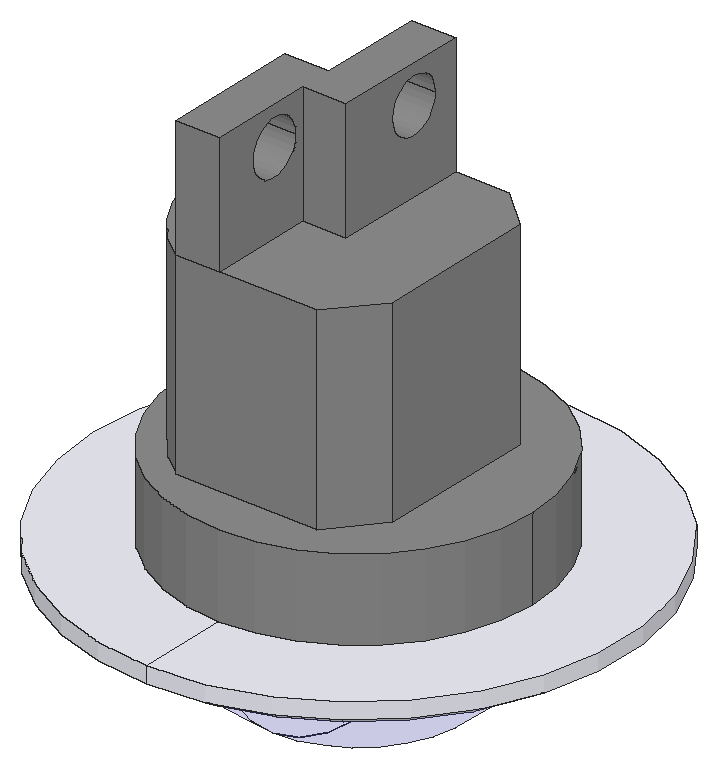
Revit family "PD4 C FP types Sans hôte", category Dispositifs d'éclairage, Revit 2019
Family settings
  Conserver l'orientation des annotations = Non
  Cote de connecteur circulaire = Utiliser le diamètre
  Type d'élément = Normal
  Basée sur le plan de construction = Oui
  Toujours verticalement = Oui
  Couper avec des vides une fois chargée = Non
  Partagée = Non
  Point de calcul de pièce = Non
Parameters (values of type "01- PD4 C FP Générique")
  Zone de detection [instance] = no
  URL = "http://www.luxomat.com"
  Type de Sortie = ""
  Température ambiante = "-25°C à +50°C"
  Référence = ""
  Relais = ""
  Position en hauteur [instance] = 250 cm
  Portée frontale 360° [instance] = 800 cm  # constant formula
  Portée frontale 180° [instance] = 2000 cm  # constant formula
  Portée de biais [instance] = 4000 cm  # constant formula
  Mode de pose = "Faux plafond"
  zone detection 2800 [instance] = Position en hauteur < 280.1 cm  # yes
  Hauteur de montage max préconisée [instance] = Hauteur de montage max  # 280 cm
  Hauteur de montage max = 280 cm
  Etiquette [instance] = yes
  Modèle = "PD4 C FP"
  Marque = "LUXOMAT"
  Image du type = COULOIR.jpg
  IP = "20"
  Fabricant = "B.E.G."
  Default Elevation = 0 cm
  Consommation = ""
  Commentaires du type = "DET.PRES.SPECIAL COULOIR.180/360°/2x10M FAUX PLAFOND"
  Code d'assemblage = "D5010200"
  Classe = "II"
  Charge LED = ""
  Charge Cos ɸ =1 = ""
  Charge Cos ɸ =0.5 = ""
  Alimentation = "110-240 V AC"
Types (16, lengths in cm): name | Type de Sortie | Référence | Relais | Modèle | IP | Consommation | Commentaires du type | Charge LED | Charge Cos ɸ =1 | Charge Cos ɸ =0.5 | Alimentation
  (no name) | "" | "" | "" | "PD4 C FP" | "20" | "" | "DET.PRES.SPECIAL COULOIR.180/360°/2x10M FAUX PLAFOND" | "" | "" | "" | "110-240 V AC"
  01- PD4 C FP Générique | "" | "" | "" | "PD4 C FP" | "20" | "" | "DET.PRES.SPECIAL COULOIR.180/360°/2x10M FAUX PLAFOND" | "" | "" | "" | "110-240 V AC"
  02- PD4N 1C C FP réf 92274 | "TOR" | "92274" | "10 A" | "PD4N 1C C FP" | "23" | "0,25 W" | "DET.MOUV.SPECIAL COULOIR.1 CONTACT.180/360°/2x10M FAUX PLAFOND" | "300 W" | "2300 W" | "1150 VA" | "110-240 V AC"
  03- PD4 M 1C C FP réf 92586 | "TOR" | "92586" | "10 A" | "PD4 M 1C C FP" | "20" | "0,45 W" | "DET.PRES.SPECIAL COULOIR.MAITRE.1 CONTACT.180/360°/2x10M FAUX PLAFOND" | "300 W" | "2300 W" | "1150 VA" | "110-240 V AC"
  04- PD4 M 1C C SP FP réf 92480 | "TOR / Sécurité Positive" | "92480" | "10 A" | "PD4 M 1C C SP FP" | "20" | "0,45 W" | "DET.PRES.SPECIAL COULOIR.MAITRE.1 CONTACT.SECURITE POSITIVE.180/360°/2x10M FAUX PLAFOND" | "300 W" | "2300 W" | "1150 VA" | "110-240 V AC"
  05- PD4 M 2C C FP réf 92143 | "TOR + CVC" | "92143" | "10 A / 3 A" | "PD4 M 2C C FP" | "20" | "0,47 W" | "DET.PRES.SPECIAL COULOIR.MAITRE.2 CONTACTS.180/360°/2x10M FAUX PLAFOND" | "300 W" | "2300 W" | "1150 VA" | "110-240 V AC"
  08- PD4 M DIM C FP réf 92217 | "DIM (50 ballasts maxi)" | "92217" | "10 A" | "PD4 M DIM C FP" | "20" | "0,50 W" | "DET.PRES.SPECIAL COULOIR.MAITRE.DIM(1-10V).180/360°/2x10M FAUX PLAFOND" | "300 W" | "2300 W" | "1150 VA" | "110-240 V AC"
  06- PD4N M DACO C FP réf 93460 | "DALI 2  (40 drivers maxi)" | "93460+93073" | "0" | "PD4N M DACO C FP" | "20" | "2 W" | "DET.PRES.SPECIAL COULOIR.MAITRE.DALI 2.180/360°/2x10M FAUX PLAFOND + Lentille Couloir réf 93073" | "0" | "0" | "0" | "110-240 V AC"
  13- PD4N KNX C DX FP réf 93388 | "KNX - 1 sortie Eclairage TOR ou GRADATION / 3 sorties Présence / Capteur de température et bruit" | "93388" | "0" | "PD4N KNX C DX FP" | "20" | "12 mA" | "DET.PRES.SPECIAL COULOIR.KNX.VERSION DELUXE.180/360°/2x10M FAUX PLAFOND" | "0" | "0" | "0" | "24 V DC par Bus KNX"
  09- PD4 S C FP réf 92444 | "Esclave" | "92444" | "0" | "PD4 S C FP" | "20" | "0,25 W" | "DET.PRES.SPECIAL COULOIR.ESCLAVE.180/360°/2x10M FAUX PLAFOND" | "0" | "0" | "0" | "110-240 V AC"
  12- PD4N BMS DALI 2 C FT ref 93546 | "DALI 2 adressable - BMS" | "93546+93073" | "0" | "PD4N BMS DALI 2 C FP" | "20" | "7 mA" | "MULTI.CAPTEUR.PRES.SPECIAL COULOIR.BMS.DALI 2.180/360°/2x10M FAUX PLAFOND + Lentille Couloir réf 93073" | "0" | "0" | "0" | "10-22 V DC par Bus DALI"
  11- PD4N DALISYS C FP réf 93340 | "DALI adressable" | "93340+93073" | "0" | "PD4N DALISYS C FP" | "20" | "7 mA" | "MULTI.CAPTEUR.PRES.SPECIAL COULOIR.DALISYS.180/360°/2x10M FAUX PLAFOND + Lentille Couloir réf 93073" | "0" | "0" | "0" | "10-22 V DC par Bus DALI"
  10- PD4N DALILINK C FP réf 93377 | "DALILINK" | "93377+93073" | "0" | "PD4N DALILINK C FP" | "20" | "7 mA" | "MULTI.CAPTEUR.PRES.SPECIAL COULOIR.DALILINK.180/360°/2x10M FAUX PLAFOND + Lentille Couloir réf 93073" | "0" | "0" | "0" | "16 V DC par Bus DALI"
  14- PD4N KNXs C ST FP réf 93514 | "KNX Sécure - 1 sortie Eclairage TOR ou GRADATION / 3 sorties Présence / HCL" | "93514+93073" | "0" | "PD4N KNXs C ST FP" | "20" | "12 mA" | "DET.PRES.SPECIAL COULOIR.KNX Sécure.VERSION STANDARD.180/360°/2x10M FAUX PLAFOND + Lentille Couloir réf 93073" | "0" | "0" | "0" | "24 V DC par Bus KNX"
  15- PD4N KNXs C DX FP réf 93516 | "KNX Sécure - 1 sortie Eclairage TOR ou GRADATION / 3 sorties Présence / Capteur de température et bruit / HCL" | "93516+93073" | "0" | "PD4N KNXs C DX FP" | "20" | "12 mA" | "DET.PRES.SPECIAL COULOIR.KNX Sécure.VERSION DELUXE.180/360°/2x10M FAUX PLAFOND + Lentille Couloir réf 93073" | "0" | "0" | "0" | "24 V DC par Bus KNX"
  07- PD4N M DACO 1C C FP réf 93463 | "DALI 2 (40 drivers maxi) + Contact NO" | "93463+93073" | "10 A" | "PD4N M DACO 1C C FP" | "20" | "2 W" | "DET.PRES.SPECIAL COULOIR.MAITRE.DALI 2 + CONTACT NO.180/360°/2x10M FAUX PLAFOND + Lentille Couloir réf 93073" | "300 W" | "2300 W" | "1150 VA" | "110-240 V AC"
Reference planes (cm)
  plane 1 "Centre (avant/arrière)": y = 0
  plane 2: z = 0
  plane 3 "Centre (gauche/droite)": x = 0
Dimensions and locks (cm)
  aligned and locked: level to plane 2
  aligned and locked: nested 3 to plane 3 "Centre (gauche/droite)"
  aligned and locked: nested 3 to plane 1 "Centre (avant/arrière)"
  aligned and locked: nested 3 to nested 4  (x2)
Nested families (cm)
  nested 1: "Famille4" at (4.75, -62.2006, 0), visible <- "Etiquette", modèle <- "Modèle", référence <- "Référence", type "Famille4"
    with référence "", modèle "PD4 C FP"
  nested 2: "M15" at (0, 0, 0), type "Standard"
  nested 3: "zone I" at (0, 0, 0), visible <- "Zone de detection", zone 2800 <- "zone detection 2800", type "zone I"
    with zone 2800 yes, biais 2400 cm
  nested 4: "Symbole plafond 2D couloir" at (0, 0, 0), type "Symbole plafond 2D couloir"
Connectors (cm)
  electrical at (0, 0, 0)
    settings: index 1, voltage 230 V, apparent load 0 VA, apparent load phase1 0 VA, apparent load phase2 0 VA, apparent load phase3 0 VA, power factor 1, load classification "Eclairage", number of poles 1, system type 31, power factor state 1, is connector primary yes, connector utility no, sub classification motor no, connector description ""
Definition of nested family "M15"
  Parameters (values of type "Standard")
    d98 = 0 cm
    d312 = 0 cm
    d106 = 0 cm
  Reference planes (cm)
    plane 1 "Centre (avant/arrière)": y = 0
    plane 2: z = 0
    plane 3 "Centre (gauche/droite)": x = 0
    plane 4: x = 0
  Forms (cm)
    Revolve 1, solid, not visible
      sketch origin (0, 0, 0) x (0, -1, 0) y (0, 0, 1)
        loop
          line (0, 0) -> (0, 0.8) -> (-3.2, 0.8)
          arc (-3.2, 0.8) -> (-4.0714, 0.7033) -> (-4.85, 0.3) r 2.4
          line (-4.85, 0.3) -> (-4.85, 0) -> (0, 0)
        axis (0, 0.8) -> (0, 0)
      angle from 0 to 360
    Revolve 2, solid, not visible
      sketch origin (0, 0, 0) x (0, -1, 0) y (0, 0, 1)
        loop
          arc (0, 3) -> (-1.9416, 2.3969) -> (-3.2, 0.8) r 3.4273
          line (-3.2, 0.8) -> (0, 0.8) -> (0, 3)
        axis (0, 0.8) -> (0, 3)
      angle from 0 to 360
    Extrusion 3, solid, not visible
      sketch origin (0, 4.85, 0) x (0, 1, 0) y (1, 0, 0)
        loop
          circle (-4.85, 0) r 3.2
      from 0 to 1.5
    Extrusion 4, solid, not visible
      sketch origin (0, 4.85, -1.5) x (1, 0, 0) y (0, -1, 0)
        loop
          line (1.8, 6.3) -> (1.0868, 7.15) -> (-1.5, 7.15)
          arc (-1.5, 7.15) -> (-2.7144, 4.95) -> (-1.5, 2.75) r 2.6
          line (-1.5, 2.75) -> (1.0868, 2.75) -> (1.8, 3.4) -> (1.8, 6.3)
      from 0 to 3.6
    Extrusion 5, solid, not visible
      sketch origin (1.8, -1.45, -5.1) x (-1, 0, 0) y (0, 1, 0)
        loop
          line (3.3, -0.85) -> (3.3, 1.65) -> (2.5, 1.65) -> (2.5, 3.55) -> (1.7, 3.55) -> (1.7, 1.05) -> (2.5, 1.05) -> (2.5, -0.85) -> (3.3, -0.85)
      from 0 to 2.2
    Extrusion 6, void, not visible
      sketch origin (-1.5, -2.3, -7.3) x (0, 0, 1) y (0, 1, 0)
        loop
          circle (0.7, 1.25) r 0.5
        loop
          circle (0.7, 3.45) r 0.5
      from 0 to -5.875
    Revolve 7, solid
      sketch origin (0, 0, 0) x (0, 1, 0) y (0, 0, -1)
        loop
          line (0, 0) -> (4.85, 0) -> (4.85, 0.3)
          arc (4.85, 0.3) -> (4.0714, 0.7033) -> (3.2, 0.8) r 2.4
          line (3.2, 0.8) -> (0, 0.8) -> (0, 0)
        axis (0, 0.8) -> (0, 0)
      angle from 0 to 360
    Revolve 8, solid
      sketch origin (0, 0, 0) x (0, 1, 0) y (0, 0, -1)
        loop
          line (0, 3) -> (0, 0.8) -> (3.2, 0.8)
          arc (3.2, 0.8) -> (1.9416, 2.3969) -> (0, 3) r 3.4273
        axis (0, 0.8) -> (0, 3)
      angle from 0 to 360
    Extrusion 9, solid
      sketch origin (0, -4.85, 0) x (-1, 0, 0) y (0, -1, 0)
        loop
          circle (0, -4.85) r 3.2
      from 0 to 1.5
    Extrusion 10, solid
      sketch origin (0, -4.85, 1.5) x (0, -1, 0) y (1, 0, 0)
        loop
          line (-3.4, 1.8) -> (-6.3, 1.8) -> (-6.95, 1.0868) -> (-6.95, -1.5)
          arc (-6.95, -1.5) -> (-4.75, -2.7144) -> (-2.55, -1.5) r 2.6
          line (-2.55, -1.5) -> (-2.55, 1.0868) -> (-3.4, 1.8)
      from 0 to 3.6
    Extrusion 11, solid
      sketch origin (1.8, 1.45, 5.1) x (0, 1, 0) y (-1, 0, 0)
        loop
          line (-3.75, 3.3) -> (-3.75, 2.5) -> (-1.85, 2.5) -> (-1.85, 1.7) -> (0.65, 1.7) -> (0.65, 2.5) -> (-1.25, 2.5) -> (-1.25, 3.3) -> (-3.75, 3.3)
      from 0 to 2.2
    Extrusion 12, void
      sketch origin (-1.5, 2.3, 7.3) x (0, 0, -1) y (0, -1, 0)
        loop
          circle (0.7, 3.35) r 0.5
        loop
          circle (0.7, 1.15) r 0.5
      from 0 to -5.875
  Cuts and joins
    Extrusion 12 cuts Extrusion 11
  Dimensions and locks (cm)
    aligned and locked: level to plane 2
Definition of nested family "Famille4"
  Parameters (values of type "Famille4")
    référence [instance] = ""
    modèle [instance] = ""
  Reference planes (cm)
    plane 1: y = 0
    plane 2: x = 0
  Text (cm)
    label "référence\nmodèle" at (-0.0547, 0.0091, 0), shows "référence", "modèle"
Definition of nested family "zone I"
  Parameters (values of type "zone I")
    zone 2800 [instance] = yes
    frontale 180° [instance] = 2000 cm
    biais [instance] = 4000 cm
    frontale 360° [instance] = 800 cm
  Reference planes (cm)
    plane 1 "Centre (avant/arrière)": y = 0
    plane 2: z = 0
    plane 3 "Centre (gauche/droite)": x = 0
    plane 4: x = 1000
    plane 5: x = -1000
    plane 6: y = 150
    plane 7: y = -150
    plane 8 "Centre (avant/arrière)": y = 0
    plane 9 "Centre (gauche/droite)": x = 0
    plane 10 "Centre (avant/arrière)": y = 0
    plane 11 "Centre (gauche/droite)": x = 0
  Lines and regions (cm)
    detail lines, in view "Niveau de réf.", visible <- "zone 2800"
      curve 1: line (628.4735, 0, 0) -> (545.5285, 0, 0)
      curve 2: line (545.5285, 0, 0) -> (573.8969, -22.1638, 0)
      curve 3: line (545.5285, 0, 0) -> (573.8969, 22.1638, 0)
      curve 4: line (0, -303.6554, 0) -> (0, -220.7104, 0)
      curve 5: line (0, -220.7104, 0) -> (-22.1638, -249.0788, 0)
      curve 6: line (0, -220.7104, 0) -> (22.1638, -249.0788, 0)
      curve 7: spline (-372.7692, 145.0624, 0) -> (-523.6863, 149.8316, 0) -> (-672.4215, 140.7991, 0) -> (-805.2741, 118.7969, 0) -> (-910.0066, 85.8517, 0) -> (-976.9713, 44.9984, 0) -> (-1000, 0, 0) -> (-976.9713, -44.9984, 0) -> (-910.0066, -85.8517, 0) -> (-805.2741, -118.7969, 0) -> (-672.4215, -140.7991, 0) -> (-523.6863, -149.8316, 0) -> (-372.7692, -145.0624, 0)
      curve 8: arc (-372.7692, -145.0624, 0) -> (0, -400, 0) -> (372.7692, -145.0624, 0) r 400
      curve 9: spline (372.7692, 145.0624, 0) -> (523.6863, 149.8316, 0) -> (672.4215, 140.7991, 0) -> (805.2741, 118.7969, 0) -> (910.0066, 85.8517, 0) -> (976.9713, 44.9984, 0) -> (1000, 0, 0) -> (976.9713, -44.9984, 0) -> (910.0066, -85.8517, 0) -> (805.2741, -118.7969, 0) -> (672.4215, -140.7991, 0) -> (523.6863, -149.8316, 0) -> (372.7692, -145.0624, 0)
      curve 10: arc (372.7692, 145.0624, 0) -> (0, 400, 0) -> (-372.7692, 145.0624, 0) r 400
    detail lines, in view "Niveau de réf.", visible <- "zone 2800", not visible
      curve 11: line (628.0656, -64.277, 0) -> (628.0656, 18.6681, 0)
      curve 12: line (628.0656, 18.6681, 0) -> (605.9018, -9.7003, 0)
      curve 13: line (628.0656, 18.6681, 0) -> (650.2294, -9.7003, 0)
      curve 14: line (628.0656, -64.277, 0) -> (628.0656, 18.6681, 0)
      curve 15: line (628.0656, 18.6681, 0) -> (605.9018, -9.7003, 0)
      curve 16: line (628.0656, 18.6681, 0) -> (650.2294, -9.7003, 0)
  Dimensions and locks (cm)
    aligned and locked: curve 4 to plane 11 "Centre (gauche/droite)"
    aligned and locked: curve 1 to plane 10 "Centre (avant/arrière)"
Definition of nested family "Symbole plafond 2D couloir"
  Reference planes (cm)
    plane 1: y = 0
    plane 2: x = 0
  Lines and regions (cm)
    Filled region 1, type "rouge"
      outline origin (0, 0, 0) x (1, 0, 0) y (0, 1, 0)
        loop
          circle (0, 0) r 0.0294
    detail lines
      curve 1: arc (-0.0294, 0, 0) -> (0, -0.0294, 0) -> (0.0294, 0, 0) r 0.0294
      curve 2: arc (0.0294, 0, 0) -> (0, 0.0294, 0) -> (-0.0294, 0, 0) r 0.0294
      curve 3: arc (-0.1768, 0.102, 0) -> (-0.2041, 0, 0) -> (-0.1768, -0.102, 0) r 0.204
      curve 4: arc (0.1766, -0.102, 0) -> (0.2039, 0, 0) -> (0.1766, 0.102, 0) r 0.204
      curve 5: arc (-0.1404, 0.081, 0) -> (-0.1621, 0, 0) -> (-0.1404, -0.081, 0) r 0.162
      curve 6: arc (0.1402, -0.081, 0) -> (0.1619, 0, 0) -> (0.1402, 0.081, 0) r 0.162
      curve 7: arc (-0.104, 0.06, 0) -> (-0.1201, 0, 0) -> (-0.104, -0.06, 0) r 0.12
      curve 8: arc (0.1038, -0.06, 0) -> (0.1199, 0, 0) -> (0.1038, 0.06, 0) r 0.12
